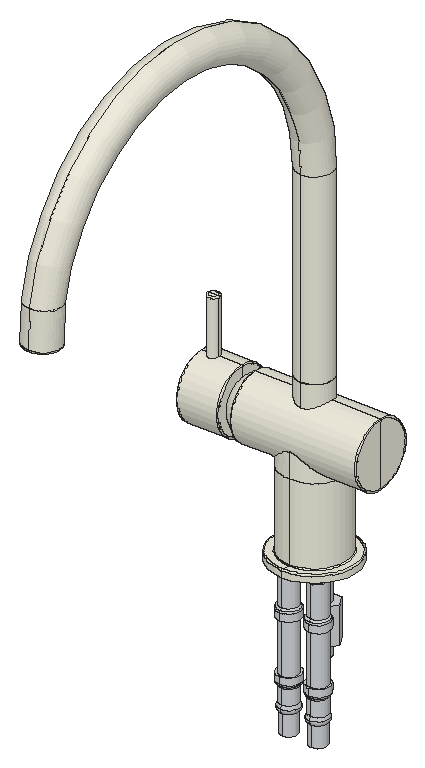
Revit family "Reece_Tap_Sussex_Scala Mini_Sink Mixer_Curved", category Plumbing Fixtures, host Face, Revit 2018
Family settings
  Host = Face
  Round Connector Dimension = Use Diameter
  Part Type = Normal
  Cut with Voids When Loaded = No
  Shared = Yes
  Room Calculation Point = Yes
Parameters (values of type "190 mm_PVD Brushed Platinum Gold_Left Hand")
  WFU = 0  # constant formula
  URL = "https://www.reece.com.au/product/-2268207"
  Type Comments = "Tap"
  Reece_Tap_Right_Offset = 37 mm
  Reece_Tap_Reach = 190 mm  # constant formula
  Reece_Tap_Left_Offset = 33 mm
  Reece_Tap_Inlet = 12 mm  # constant formula
  Reece_Tap_Clearance = 190 mm  # constant formula
  Reece_Right_Hand = not(Reece_Left_Hand)  # no
  Reece_Product_Web Page = "https://www.reece.com.au/product/-2268207"
  Reece_Product_Type = "Tap"  # constant formula
  Reece_Product_Sub Brand = "Scala Mini"  # constant formula
  Reece_Product_Number = "2268207"
  Reece_Product_Mount = "Hob Mounted"
  Reece_Product_Description = "Sussex Scala Mini Sink Mixer Tap Large Curved Left Hand LUX PVD Brushed Platinum Gold (5 Star)"
  Reece_Product_Brand = "Sussex"  # constant formula
  Reece_Overall_Height = 300 mm  # constant formula
  Reece_Material_Main = Reece_PVD_Brushed_Platinum Gold
  Reece_Left_Hand = yes
  Reece_Detail_Type = "Sink Mixer"  # constant formula
  Reece_Detail_Shape = "Curved"  # constant formula
  Reece_Detail_Disclaimer = "THIS FILE IS THE PROPERTY OF THE REECE GROUP. IT MAY NOT BE REPRODUCED, REVERSE-ENGINEERED OR MODIFIED. ANY REPUBLICATION, TRANSMISSION OR DISTRIBUTION FOR THE PURPOSE OF COMMERCIALLY EXPLOITING THE FILES IS PROHIBITED."  # constant formula
  Reece_Detail_Additional = "Large"  # constant formula
  Model = "Scala Mini"
  Manufacturer = "Sussex"
  Keynote = "Product #2268207, Reece_Tap_Sussex_Scala Mini_Sink Mixer_Curved - 190 mm_PVD Brushed Platinum Gold_Left Hand"
  HWFU = 0  # constant formula
  Disclaimer = "THIS FILE IS THE PROPERTY OF THE REECE GROUP. IT MAY NOT BE REPRODUCED, REVERSE-ENGINEERED OR MODIFIED. ANY REPUBLICATION, TRANSMISSION OR DISTRIBUTION FOR THE PURPOSE OF COMMERCIALLY EXPLOITING THE FILES IS PROHIBITED."  # constant formula
  Description = "Scala Mini Sink Mixer Tap Large Curved Left Hand LUX PVD Brushed Platinum Gold (5 Star)"
  Default Elevation = 1000 mm
  CWFU = 0  # constant formula
Types (4, lengths in mm): name | URL | Reece_Tap_Right_Offset | Reece_Tap_Left_Offset | Reece_Right_Hand | Reece_Product_Web Page | Reece_Product_Number | Reece_Product_Description | Reece_Material_Main | Reece_Left_Hand | Keynote | Description
  190 mm_Chrome_Left Hand | "https://www.reece.com.au/product/-2262895" | 37 | 33 | no | "https://www.reece.com.au/product/-2262895" | "2262895" | "Sussex Scala Mini Sink Mixer Tap Large Curved Left Hand Chrome (5 Star)" | Reece_Brass_Chrome | yes | "Product #2262895, Reece_Tap_Sussex_Scala Mini_Sink Mixer_Curved - 190 mm_Chrome_Left Hand" | "Scala Mini Sink Mixer Tap Large Curved Left Hand Chrome (5 Star)"
  190 mm_PVD Brushed Platinum Gold_Left Hand | "https://www.reece.com.au/product/-2268207" | 37 | 33 | no | "https://www.reece.com.au/product/-2268207" | "2268207" | "Sussex Scala Mini Sink Mixer Tap Large Curved Left Hand LUX PVD Brushed Platinum Gold (5 Star)" | Reece_PVD_Brushed_Platinum Gold | yes | "Product #2268207, Reece_Tap_Sussex_Scala Mini_Sink Mixer_Curved - 190 mm_PVD Brushed Platinum Gold_Left Hand" | "Scala Mini Sink Mixer Tap Large Curved Left Hand LUX PVD Brushed Platinum Gold (5 Star)"
  190 mm_Chrome_Right Hand | "https://www.reece.com.au/product/-225942" | 33 | 37 | yes | "https://www.reece.com.au/product/-225942" | "225942" | "Sussex Scala Mini Sink Mixer Tap Large Curved Right Hand Chrome (5 Star)" | Reece_Brass_Chrome | no | "Product #225942, Reece_Tap_Sussex_Scala Mini_Sink Mixer_Curved - 190 mm_Chrome_Right Hand" | "Scala Mini Sink Mixer Tap Large Curved Right Hand Chrome (5 Star)"
  190 mm_PVD Brushed Platinum Gold_Right Hand | "https://www.reece.com.au/product/-2268206" | 33 | 37 | yes | "https://www.reece.com.au/product/-2268206" | "2268206" | "Sussex Scala Mini Sink Mixer Tap Large Curved Right Hand LUX PVD Brushed Platinum Gold (5 Star)" | Reece_PVD_Brushed_Platinum Gold | no | "Product #2268206, Reece_Tap_Sussex_Scala Mini_Sink Mixer_Curved - 190 mm_PVD Brushed Platinum Gold_Right Hand" | "Scala Mini Sink Mixer Tap Large Curved Right Hand LUX PVD Brushed Platinum Gold (5 Star)"
Reference planes
  plane 1 "Center (Front/Back)": y = 0
  plane 2 "Bottom": z = 0
  plane 3 "Center (Left/Right)": x = 0
  plane 4: z = 190
  plane 5: y = -190
  plane 6: z = 65
  plane 7: z = 82
  plane 8: x = 37
  plane 9: x = -33
  plane 10: x = -63
  plane 11: z = 47
  plane 12: z = 112
  plane 13: z = 300
  plane 14: x = -22.5
  plane 15: x = 22.5
Forms (mm)
  Revolve 1, solid, material "Reece_PVD_Brushed_Platinum Gold" <- "Reece_Material_Main"
    sketch origin (0, 0, 0) x (1, 0, 0) y (0, 0, 1)
      loop
        line (-33, 64.5) -> (37, 64.5) -> (37, 81.5)
        arc (37, 81.5) -> (36.854, 81.854) -> (36.5, 82) r 0.5
        line (36.5, 82) -> (-32.475, 82)
        arc (-32.475, 82) -> (-32.846, 81.846) -> (-33, 81.475) r 0.525
        line (-33, 81.475) -> (-33, 64.5)
      axis (-33, 64.5) -> (37, 64.5)
    angle from 0 to 360
  Sweep 2, solid, material "Reece_PVD_Brushed_Platinum Gold" <- "Reece_Material_Main"
    path origin (0, 0, 0.312) x (0, 1, 0) y (0, 0, 1)
      loop
        line (0, 91.687) -> (0, 195.105)
        arc (0, 195.105) -> (-92.762, 290.079) -> (-189.895, 199.58) r 95
    profile origin (0, 0, 143.709) x (0, -1, 0) y (1, 0, 0)
      loop
        circle (0, 0) r 9.5
  Revolve 3, solid, material "Reece_PVD_Brushed_Platinum Gold" <- "Reece_Material_Main", visible <- "Reece_Left_Hand"
    sketch origin (0, 0, 0) x (1, 0, 0) y (0, 0, 1)
      loop
        arc (-33, 81.143) -> (-41.23, 74.554) -> (-44.402, 64.5) r 18.128
        line (-44.402, 64.5) -> (-33, 64.5) -> (-33, 81.143)
      axis (-44.402, 64.5) -> (-33, 64.5)
    angle from 0 to 360
  Revolve 4, solid, material "Reece_PVD_Brushed_Platinum Gold" <- "Reece_Material_Main", visible <- "Reece_Left_Hand"
    sketch origin (0, 0, 0) x (1, 0, 0) y (0, 0, 1)
      loop
        line (-63, 64.5) -> (-40, 64.5) -> (-40, 81.5)
        arc (-40, 81.5) -> (-40.146, 81.854) -> (-40.5, 82) r 0.5
        line (-40.5, 82) -> (-62.5, 82)
        arc (-62.5, 82) -> (-62.854, 81.854) -> (-63, 81.5) r 0.5
        line (-63, 81.5) -> (-63, 64.5)
      axis (-63, 64.5) -> (-40, 64.5)
    angle from 0 to 360
  Revolve 5, solid, material "Reece_PVD_Brushed_Platinum Gold" <- "Reece_Material_Main", visible <- "Reece_Left_Hand"
    sketch origin (0, 0, 0) x (1, 0, 0) y (0, 0, 1)
      loop
        line (-56.2, 112) -> (-56.2, 73.2) -> (-53.05, 73.2) -> (-53.05, 111.385)
        arc (-53.05, 111.385) -> (-53.23, 111.82) -> (-53.665, 112) r 0.615
        line (-53.665, 112) -> (-56.2, 112)
      axis (-56.2, 112) -> (-56.2, 73.2)
    angle from 0 to 360
  Revolve 6, solid, material "Reece_PVD_Brushed_Platinum Gold" <- "Reece_Material_Main", visible <- "Reece_Right_Hand"
    sketch origin (4, 0, 0) x (-1, 0, 0) y (0, 0, -1)
      loop
        line (-33, -81.477) -> (-33, -64.5) -> (-44.402, -64.5)
        arc (-44.402, -64.5) -> (-41.486, -74.859) -> (-33, -81.477) r 17.261
      axis (-44.402, -64.5) -> (-33, -64.5)
    angle from 0 to 360
  Revolve 7, solid, material "Reece_PVD_Brushed_Platinum Gold" <- "Reece_Material_Main", visible <- "Reece_Right_Hand"
    sketch origin (4, 0, 0) x (-1, 0, 0) y (0, 0, -1)
      loop
        line (-62.996, -64.5) -> (-62.996, -81.5)
        arc (-62.996, -81.5) -> (-62.85, -81.854) -> (-62.496, -82) r 0.5
        line (-62.496, -82) -> (-40.5, -82)
        arc (-40.5, -82) -> (-40.146, -81.854) -> (-40, -81.5) r 0.5
        line (-40, -81.5) -> (-40, -64.5) -> (-62.996, -64.5)
      axis (-62.996, -64.5) -> (-40, -64.5)
    angle from 0 to 360
  Revolve 8, solid, material "Reece_PVD_Brushed_Platinum Gold" <- "Reece_Material_Main", visible <- "Reece_Right_Hand"
    sketch origin (4, 0, 0) x (-1, 0, 0) y (0, 0, -1)
      loop
        line (-56.2, -112) -> (-53.665, -112)
        arc (-53.665, -112) -> (-53.23, -111.82) -> (-53.05, -111.385) r 0.615
        line (-53.05, -111.385) -> (-53.05, -73.2) -> (-56.2, -73.2) -> (-56.2, -112)
      axis (-56.2, -112) -> (-56.2, -73.2)
    angle from 0 to 360
  Extrusion 9, void
    sketch origin (0, 0, 0) x (1, 0, 0) y (0, 1, 0)
      loop
        circle (0, 0) r 15.193
    from -15.592 to 15.518
  Revolve 10, solid, material "Reece_PVD_Brushed_Platinum Gold" <- "Reece_Material_Main"
    sketch origin (0, -8.888, -8.739) x (0, 0.99889, -0.047106) y (0, 0.047106, 0.99889)
      loop
        line (-190, 190) -> (-190, 212.028) -> (-198.667, 212.028) -> (-198.667, 211) -> (-199.5, 211) -> (-199.5, 190.5)
        arc (-199.5, 190.5) -> (-199.354, 190.146) -> (-199, 190) r 0.5
        line (-199, 190) -> (-198.209, 190) -> (-198.209, 190.905) -> (-197.386, 190.905) -> (-196.911, 190) -> (-190, 190)
      axis (-190, 212.028) -> (-190, 190)
    angle from 0 to 360
  Extrusion 11, void
    sketch origin (0, 0, 0) x (0, 1, 0) y (0, 0, 1)
      loop
        line (-201.161, 197.434) -> (-177.174, 196.302) -> (-176.502, 210.567) -> (-200.488, 211.698) -> (-201.161, 197.434)
    from -11.797 to 12.27
  Revolve 12, solid
    sketch origin (0, -6.983, -4.38) x (0, 1, 0) y (0, 0, 1)
      loop
        line (11.924, 6.27) -> (11.924, -47)
        arc (11.924, -47) -> (12.07, -47.353) -> (12.424, -47.5) r 0.5
        line (12.424, -47.5) -> (14.924, -47.5) -> (14.924, 6.27) -> (11.924, 6.27)
      axis (14.924, -47.5) -> (14.924, 6.27)
    angle from 0 to 360
  Extrusion 13, solid
    sketch origin (619.2, -626.183, -34.38) x (1, 0, 0) y (0, 1, 0)
      loop
        circle (-619.2, 634.124) r 3
      loop
        line (-622.996, 640.698) -> (-626.791, 634.124) -> (-622.996, 627.549) -> (-615.404, 627.549) -> (-611.609, 634.124) -> (-615.404, 640.698) -> (-622.996, 640.698)
    from -10 to 10
  Revolve 14, solid
    sketch origin (-8.271, -4579.5, 333.442) x (0, 0, 1) y (0, -1, 0)
      loop
        line (-389.647, -4565.8) -> (-393.549, -4565.8)
        arc (-393.549, -4565.8) -> (-394.023, -4565.877) -> (-394.449, -4566.101) r 1.5
        line (-394.449, -4566.101) -> (-395.687, -4567.03) -> (-404.047, -4567.03) -> (-406.076, -4566.425)
        arc (-406.076, -4566.425) -> (-407.469, -4566.518) -> (-408.462, -4567.5) r 2
        line (-408.462, -4567.5) -> (-419.774, -4567.5) -> (-419.774, -4572) -> (-331.553, -4572) -> (-331.553, -4568.64) -> (-338.011, -4568.64) -> (-338.011, -4567.03) -> (-355.506, -4567.03) -> (-356.743, -4566.101)
        arc (-356.743, -4566.101) -> (-357.169, -4565.877) -> (-357.644, -4565.8) r 1.5
        line (-357.644, -4565.8) -> (-361.546, -4565.8) -> (-361.546, -4567) -> (-389.647, -4567) -> (-389.647, -4565.8)
      axis (-419.774, -4572) -> (-331.553, -4572)
    angle from 0 to 360
  Revolve 15, solid
    sketch origin (8.029, -4579.5, 333.442) x (0, 0, 1) y (0, 1, 0)
      loop
        line (-389.647, 4565.8) -> (-389.647, 4567) -> (-361.546, 4567) -> (-361.546, 4565.8) -> (-357.644, 4565.8)
        arc (-357.644, 4565.8) -> (-357.169, 4565.877) -> (-356.743, 4566.101) r 1.5
        line (-356.743, 4566.101) -> (-355.506, 4567.03) -> (-338.011, 4567.03) -> (-338.011, 4568.64) -> (-331.553, 4568.64) -> (-331.553, 4572) -> (-419.774, 4572) -> (-419.774, 4567.5) -> (-408.462, 4567.5)
        arc (-408.462, 4567.5) -> (-407.469, 4566.518) -> (-406.076, 4566.425) r 2
        line (-406.076, 4566.425) -> (-404.047, 4567.03) -> (-395.687, 4567.03) -> (-394.449, 4566.101)
        arc (-394.449, 4566.101) -> (-394.023, 4565.877) -> (-393.549, 4565.8) r 1.5
        line (-393.549, 4565.8) -> (-389.647, 4565.8)
      axis (-419.774, 4572) -> (-331.553, 4572)
    angle from 0 to 360
  Revolve 16, solid, material "Reece_PVD_Brushed_Platinum Gold" <- "Reece_Material_Main"
    sketch origin (0, 0, 0) x (0, 1, 0) y (0, 0, 1)
      loop
        line (-15.193, 0) -> (-15.193, 1.889) -> (0, 1.889) -> (0, 92.591) -> (-8.384, 92.591) -> (-9.5, 91.654) -> (-9.5, 65) -> (-16.5, 65)
        arc (-16.5, 65) -> (-17.25, 56.014) -> (-17.5, 47) r 162.5
        line (-17.5, 47) -> (-17.5, 4.5)
        arc (-17.5, 4.5) -> (-17.646, 4.146) -> (-18, 4) r 0.5
        line (-18, 4) -> (-21.9, 4)
        arc (-21.9, 4) -> (-22.324, 3.824) -> (-22.5, 3.4) r 0.6
        line (-22.5, 3.4) -> (-22.5, 0) -> (-15.193, 0)
      axis (0, 92.591) -> (0, 0)
    angle from 0 to 360
Cuts and joins
  Extrusion 11 cuts Sweep 2
  joined: Revolve 1, Sweep 2, Revolve 16
  joined: Revolve 3, Revolve 4, Revolve 5
  joined: Revolve 6, Revolve 7, Revolve 8
Text (mm)
  text "Reece Copyright © 2018, Reece Ltd." at (-296.225, -219.523, 0), in view "Ref. Level"
  text "Reece ©" at (44.384, 258.95, 192.345), in view "Reece Preview"
Dimensions and locks
  plane 6 to host face = 65 mm
  plane 7 to host face = 82 mm
  plane 10 to plane 8 = 100 mm
  "Reece_Tap_Left_Offset": plane 9 to plane 3 "Center (Left/Right)"
  "Reece_Tap_Right_Offset": plane 3 "Center (Left/Right)" to plane 8
  plane 12 to plane 11 = 65 mm
  "Reece_Tap_Reach": plane 1 "Center (Front/Back)" to plane 5
  "Reece_Tap_Clearance": plane 4 to plane 2 "Bottom"
  "Reece_Overall_Height": plane 13 to plane 2 "Bottom"
  level to plane 11 = 47 mm
  plane 15 to plane 14 = 45 mm
  aligned and locked: plane 2 "Bottom" to host face
  aligned and locked: level to host face
  aligned and locked: plane 9 to cut or joined group of Revolve 1, Sweep 2, Extrusion 11, Revolve 16
  aligned and locked: cut or joined group of Revolve 1, Sweep 2, Extrusion 11, Revolve 16 to plane 8
Automatic sketch dimensions
  host sketch curve to host sketch curve = 380.785 mm
  host sketch curve to host sketch curve = 317.421 mm
  Sweep 2 sketch curve to plane 3 "Center (Left/Right)" = 0 mm
  Sweep 2 sketch curve to profile plane = 0 mm
  Revolve 5 sketch curve to plane 12 = 0 mm
  Revolve 5 sketch curve to plane 10 = 6.8 mm
  plane 12 to Revolve 5 sketch curve = 0.615 mm
  Revolve 5 sketch curve to Revolve 5 sketch curve = 2.535 mm
  plane 6 to Revolve 5 sketch curve = 8.2 mm
  Revolve 5 sketch curve to Revolve 5 sketch curve = 0 mm
  Revolve 5 sketch curve to plane 7 = 3.8 mm
  Revolve 5 sketch curve to Revolve 5 sketch curve = 2.831 mm
  Revolve 8 sketch curve to plane 12 = 0 mm
  plane 8 to Revolve 8 sketch curve = 23.2 mm
  plane 12 to Revolve 8 sketch curve = 0.615 mm
  Revolve 8 sketch curve to Revolve 8 sketch curve = 2.535 mm
  plane 6 to Revolve 8 sketch curve = 8.2 mm
  Revolve 8 sketch curve to Revolve 8 sketch curve = 0 mm
  Revolve 8 sketch curve to plane 7 = 3.8 mm
  Revolve 8 sketch curve to Revolve 8 sketch curve = 2.831 mm
  plane 9 to Revolve 1 sketch curve = 0 mm
  Revolve 1 sketch curve to plane 7 = 0 mm
  Revolve 1 sketch curve to plane 3 "Center (Left/Right)" = 0 mm
  Revolve 1 sketch curve to plane 8 = 0 mm
  Revolve 1 sketch curve to plane 9 = 0.525 mm
  Revolve 1 sketch curve to plane 7 = 0.5 mm
  Revolve 1 sketch curve to plane 6 = 0.5 mm  (x2)
  Revolve 1 sketch curve to Revolve 1 sketch curve = 3.498 mm
  plane 1 "Center (Front/Back)" to Extrusion 9 sketch curve = 0 mm
  Extrusion 9 sketch curve to plane 3 "Center (Left/Right)" = 0 mm
  Sweep 2 sketch curve to plane 1 "Center (Front/Back)" = 0 mm
  plane 4 to Sweep 2 sketch curve = 5.417 mm
  plane 1 "Center (Front/Back)" to Sweep 2 sketch curve = 95 mm
  plane 7 to Sweep 2 sketch curve = 10 mm
  Sweep 2 sketch curve to plane 5 = 0.105 mm
  plane 4 to Extrusion 11 sketch curve = 6.302 mm
  Extrusion 11 sketch curve to Extrusion 11 sketch curve = 0.673 mm
  Extrusion 11 sketch curve to Extrusion 11 sketch curve = 14.265 mm
  plane 5 to Extrusion 11 sketch curve = 10.488 mm
  plane 4 to Extrusion 11 sketch curve = 7.434 mm
  Revolve 12 sketch curve to plane 1 "Center (Front/Back)" = 4.941 mm
  Revolve 12 sketch curve to Revolve 12 sketch curve = 0.5 mm
  Revolve 12 sketch curve to Revolve 12 sketch curve = 2.5 mm
  Revolve 12 sketch curve to level = 51.88 mm
  plane 11 to Revolve 12 sketch curve = 45.111 mm
  plane 11 to Revolve 12 sketch curve = 31.24 mm
  Revolve 12 sketch curve to plane 1 "Center (Front/Back)" = 7.941 mm
  Revolve 12 sketch curve to Revolve 12 sketch curve = 0 mm
  Extrusion 13 sketch curve to Extrusion 13 sketch curve = 0 mm  (x3)
  Extrusion 13 sketch curve to plane 3 "Center (Left/Right)" = 0 mm
  Extrusion 13 sketch curve to plane 3 "Center (Left/Right)" = 3.796 mm  (x2)
  Extrusion 13 sketch curve to plane 1 "Center (Front/Back)" = 1.367 mm
  Extrusion 13 sketch curve to plane 3 "Center (Left/Right)" = 7.591 mm
  plane 3 "Center (Left/Right)" to Extrusion 13 sketch curve = 3.796 mm  (x2)
  Extrusion 13 sketch curve to Extrusion 13 sketch curve = 3.796 mm
  Extrusion 13 sketch curve to Extrusion 13 sketch curve = 6.574 mm  (x3)
  Extrusion 13 sketch curve to Extrusion 13 sketch curve = 3 mm
  plane 1 "Center (Front/Back)" to Revolve 14 sketch curve = 12 mm
  Revolve 14 sketch curve to level = 86.332 mm
  Revolve 14 sketch curve to Revolve 14 sketch curve = 11.313 mm
  Revolve 14 sketch curve to Revolve 14 sketch curve = 1.814 mm
  plane 1 "Center (Front/Back)" to Revolve 14 sketch curve = 13.075 mm
  Revolve 14 sketch curve to Revolve 14 sketch curve = 0.571 mm
  plane 1 "Center (Front/Back)" to Revolve 14 sketch curve = 12.47 mm
  Revolve 14 sketch curve to Revolve 14 sketch curve = 2.029 mm
  Revolve 14 sketch curve to Revolve 14 sketch curve = 8.36 mm
  Revolve 14 sketch curve to Revolve 14 sketch curve = 1.238 mm  (x2)
  Revolve 14 sketch curve to Revolve 14 sketch curve = 0.901 mm  (x2)
  Revolve 14 sketch curve to Revolve 14 sketch curve = 3.901 mm  (x2)
  Revolve 14 sketch curve to level = 28.103 mm
  plane 11 to Revolve 14 sketch curve = 51.568 mm
  Revolve 14 sketch curve to Revolve 14 sketch curve = 6.458 mm
  plane 1 "Center (Front/Back)" to Revolve 14 sketch curve = 10.86 mm
  Revolve 14 sketch curve to Revolve 14 sketch curve = 4.5 mm
  Revolve 14 sketch curve to Revolve 14 sketch curve = 0.27 mm
  plane 1 "Center (Front/Back)" to Revolve 14 sketch curve = 12.2 mm
  Revolve 14 sketch curve to Revolve 14 sketch curve = 1.61 mm
  Revolve 14 sketch curve to Revolve 14 sketch curve = 0.3 mm
  Revolve 14 sketch curve to Revolve 14 sketch curve = 1.199 mm  (x2)
  plane 1 "Center (Front/Back)" to Revolve 14 sketch curve = 7.5 mm
  Revolve 14 sketch curve to Revolve 14 sketch curve = 71.41 mm
  Revolve 14 sketch curve to Revolve 14 sketch curve = 3.412 mm
  plane 1 "Center (Front/Back)" to Revolve 15 sketch curve = 12 mm
  Revolve 15 sketch curve to level = 86.332 mm
  Revolve 15 sketch curve to Revolve 15 sketch curve = 11.313 mm
  Revolve 15 sketch curve to Revolve 15 sketch curve = 1.814 mm
  plane 1 "Center (Front/Back)" to Revolve 15 sketch curve = 13.075 mm
  Revolve 15 sketch curve to Revolve 15 sketch curve = 0.571 mm
  plane 1 "Center (Front/Back)" to Revolve 15 sketch curve = 12.47 mm  (x2)
  Revolve 15 sketch curve to Revolve 15 sketch curve = 2.029 mm
  Revolve 15 sketch curve to Revolve 15 sketch curve = 8.36 mm
  Revolve 15 sketch curve to Revolve 15 sketch curve = 1.238 mm  (x2)
  Revolve 15 sketch curve to Revolve 15 sketch curve = 0.901 mm  (x2)
  Revolve 15 sketch curve to Revolve 15 sketch curve = 3.901 mm  (x2)
  Revolve 15 sketch curve to level = 28.103 mm
  plane 11 to Revolve 15 sketch curve = 51.568 mm
  Revolve 15 sketch curve to Revolve 15 sketch curve = 6.458 mm
  Revolve 15 sketch curve to Revolve 15 sketch curve = 0.929 mm
  plane 1 "Center (Front/Back)" to Revolve 15 sketch curve = 13.399 mm
  Revolve 15 sketch curve to Revolve 15 sketch curve = 0.301 mm  (x2)
  Revolve 15 sketch curve to Revolve 15 sketch curve = 1.2 mm
  Revolve 15 sketch curve to Revolve 15 sketch curve = 1.61 mm
  Revolve 15 sketch curve to Revolve 15 sketch curve = 4.5 mm
  plane 1 "Center (Front/Back)" to Revolve 15 sketch curve = 7.5 mm
  Revolve 15 sketch curve to Revolve 15 sketch curve = 71.41 mm
  Revolve 15 sketch curve to Revolve 15 sketch curve = 3.412 mm
  level to Revolve 16 sketch curve = 0 mm
  plane 11 to Revolve 16 sketch curve = 0 mm
  Revolve 16 sketch curve to plane 6 = 0 mm
  Revolve 16 sketch curve to plane 1 "Center (Front/Back)" = 0 mm  (x2)
  plane 1 "Center (Front/Back)" to Revolve 16 sketch curve = 8.384 mm
  plane 1 "Center (Front/Back)" to Revolve 16 sketch curve = 9.5 mm
  plane 1 "Center (Front/Back)" to Revolve 16 sketch curve = 15.193 mm
  Revolve 16 sketch curve to Revolve 16 sketch curve = 7 mm
  plane 1 "Center (Front/Back)" to Revolve 16 sketch curve = 17.5 mm
  Revolve 16 sketch curve to Revolve 16 sketch curve = 0.5 mm
  Revolve 16 sketch curve to Revolve 16 sketch curve = 3.9 mm
  Revolve 16 sketch curve to Revolve 16 sketch curve = 0.6 mm
  level to Revolve 16 sketch curve = 1.889 mm
  Revolve 16 sketch curve to Revolve 16 sketch curve = 3.4 mm
  plane 7 to Revolve 16 sketch curve = 9.654 mm
  Revolve 16 sketch curve to Revolve 16 sketch curve = 0.936 mm
  Revolve 16 sketch curve to level = 30 mm
  plane 11 to Revolve 16 sketch curve = 22 mm
  Revolve 6 sketch curve to plane 8 = 0 mm
  plane 6 to Revolve 6 sketch curve = 0.235 mm
  Revolve 6 sketch curve to plane 8 = 5.843 mm
  Revolve 6 sketch curve to plane 6 = 0.5 mm  (x2)
  plane 8 to Revolve 6 sketch curve = 5.701 mm
  Revolve 6 sketch curve to Revolve 6 sketch curve = 5.701 mm
  Revolve 6 sketch curve to Revolve 6 sketch curve = 1.467 mm
  plane 9 to Revolve 3 sketch curve = 0 mm
  Revolve 3 sketch curve to plane 6 = 0.691 mm
  Revolve 3 sketch curve to plane 14 = 3.776 mm
  Revolve 3 sketch curve to plane 6 = 0.5 mm  (x2)
  Revolve 3 sketch curve to Revolve 3 sketch curve = 5.701 mm  (x2)
  Revolve 3 sketch curve to plane 9 = 1.467 mm
  Revolve 10 sketch curve to plane 4 = 0 mm
  plane 5 to Revolve 10 sketch curve = 8.227 mm
  plane 4 to Revolve 10 sketch curve = 21.424 mm
  Revolve 10 sketch curve to Revolve 10 sketch curve = 0.5 mm
  Revolve 10 sketch curve to Revolve 10 sketch curve = 0.833 mm
  Revolve 10 sketch curve to Revolve 10 sketch curve = 0.791 mm
  Revolve 10 sketch curve to Revolve 10 sketch curve = 0.823 mm
  Revolve 10 sketch curve to Revolve 10 sketch curve = 0.475 mm
  Revolve 10 sketch curve to Revolve 10 sketch curve = 6.911 mm
  Revolve 10 sketch curve to Revolve 10 sketch curve = 0 mm  (x2)
  Revolve 10 sketch curve to Revolve 10 sketch curve = 0.905 mm
  Revolve 10 sketch curve to Revolve 10 sketch curve = 1.028 mm
  Revolve 10 sketch curve to Revolve 10 sketch curve = 6.16 mm
  Revolve 10 sketch curve to Revolve 10 sketch curve = 3.84 mm
  plane 10 to Revolve 4 sketch curve = 0 mm
  Revolve 4 sketch curve to plane 7 = 0 mm
  Revolve 4 sketch curve to plane 7 = 0.5 mm
  plane 9 to Revolve 4 sketch curve = 7.5 mm
  Revolve 4 sketch curve to plane 6 = 0.5 mm  (x2)
  plane 9 to Revolve 4 sketch curve = 7 mm
  Revolve 4 sketch curve to Revolve 4 sketch curve = 8.39 mm
  Revolve 4 sketch curve to Revolve 4 sketch curve = 1.158 mm
  Revolve 7 sketch curve to plane 7 = 0 mm
  Revolve 7 sketch curve to plane 6 = 0.5 mm  (x2)
  plane 8 to Revolve 7 sketch curve = 29.996 mm
  plane 8 to Revolve 7 sketch curve = 7.5 mm
  Revolve 7 sketch curve to plane 7 = 0.5 mm  (x2)
  Revolve 7 sketch curve to Revolve 7 sketch curve = 8.386 mm
  Revolve 7 sketch curve to Revolve 7 sketch curve = 1.158 mm
  radius of Sweep 2 sketch curve = 9.5 mm
  radius of Extrusion 9 sketch curve = 15.193 mm
Connectors
  piping at (-8.271, -7.5, -86.332), diameter 12, driven by "Reece_Tap_Inlet"
    settings: on Revolve 14, index 1, connector inside diameter 609.6 mm, connector length 0 mm, flow factor 0, pipe flow 0.0 L/s, pressure drop 0.0 Pa, fitting loss kfactor 0, connector angle 0.00°, fixture units 0, engagement length 0 mm, angle of deflection 0.00°, flow configuration 0, flow direction 1, fitting loss method 0, system type 29, joint type 0, gender type 0, connector reference index -1, connector utility 0, adjustable connector no, is connector primary yes, connector description ""
  piping at (8.029, -7.5, -86.332), diameter 12, driven by "Reece_Tap_Inlet"
    settings: on Revolve 15, index 2, connector inside diameter 609.6 mm, connector length 0 mm, flow factor 0, pipe flow 0.0 L/s, pressure drop 0.0 Pa, fitting loss kfactor 0, connector angle 0.00°, fixture units 0, engagement length 0 mm, angle of deflection 0.00°, flow configuration 0, flow direction 1, fitting loss method 0, system type 29, joint type 0, gender type 0, connector reference index -1, connector utility 0, adjustable connector no, is connector primary no, connector description ""
